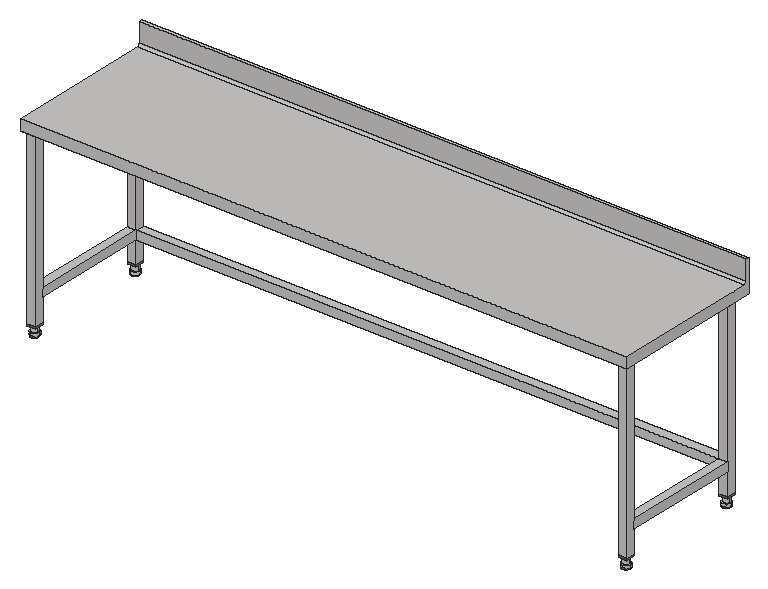
Revit family "QF_ELECTROLUXPROFESSIONAL_133240_TG2800UN", category Attrezzature speciali, Revit 2020
Family settings
  Quota connettore circolare = Usa diametro
  Tipo di parte = Normale
  Basato su piano di lavoro = No
  Sempre verticale = Sì
  Taglio con vuoti quando caricato = No
  Condiviso = No
  Punto di calcolo locali = No
Parameters (values of type "Standard")
  Weight = 98.00 kg
  Watts = 0 W
  Volts = 0 V
  URL Manufacturer = "https://www.electroluxprofessional.com/"
  URL = "https://www.electroluxprofessional.com/"
  Steam Supply Size = 0 mm
  Steam Supply Minimum Pressure = 0.0 Pa
  Steam Supply Maximum Pressure = 0.0 Pa
  Steam Consumption per Hour = 0
  Refrigeration Suction Line Size = 0.0 mm
  Refrigeration Liquid Line Size = 0.0 mm
  Refrigerant Compressor Remote = yes
  Prospetto di default = 0.0 mm
  Produttore = "Electrolux Professional"
  Phase = 0
  Modello = "TG2800UN"
  Length Actual = 2800.0 mm  # constant formula
  Item Number = "133240"
  Hot Water Size = 0 mm
  Height Actual = 1000.0 mm  # constant formula
  HP = "0 HP"
  Gas Size = 0 mm
  Gas KW = 0
  Gas Input Pressure = 0 W
  Direct Waste Size = 0 mm
  Descrizione = "WORK TABLE WITH UPSTAND 2800 MM+UNDERFRAME"
  Depth Actual = 700.0 mm  # constant formula
  Cycle = 0 Hz
  Condensate Return Size = 0 mm
  Compressed Air Volume = 0.0 L/s
  Compressed Air Size = 0 mm
  Compressed Air Pressure = 0.0 Pa
  Cold Water Size = 0 mm
  Accessory = yes
Reference planes
  plane 1 "Center (Front/Back)": y = 0
  plane 2: z = 0
  plane 3 "Center (Left/Right)": x = -900
  plane 4 "LEFT": x = -2300
  plane 5 "RIGHT": x = 500
  plane 6 "BACK": y = 350
  plane 7 "FRONT": y = -350
  plane 8 "Base": z = 850
  plane 9 "TOP": z = 900
  plane 10: x = -2264.5
  plane 11: x = 464.5
  plane 12: y = 269.5
  plane 13: y = -310.5
Forms (mm)
  Extrusion 1, solid, material "QF_Finishes_Stainless Steel"
    sketch origin (-900, 0, 0) x (0, 1, 0) y (0, 0, 1)
      loop
        line (-350, 850) -> (350, 850) -> (350, 1000) -> (337, 1000) -> (337, 910)
        arc (337, 910) -> (334.071, 902.929) -> (327, 900) r 10
        line (327, 900) -> (-350, 900) -> (-350, 850)
    from 1400 to -1400
  Extrusion 2, solid, material "QF_Finishes_Stainless Steel"
    sketch origin (-900, 0, 0) x (0, 1, 0) y (0, 0, 1)
      loop
        line (249.5, 195) -> (249.5, 155) -> (289.5, 155) -> (289.5, 195) -> (249.5, 195)
    from 1344.5 to -1344.5
  Extrusion 3, solid, material "QF_Finishes_Stainless Steel"
    sketch origin (0, 0, 0) x (1, 0, 0) y (0, 0, 1)
      loop
        line (-2244.5, 195) -> (-2284.5, 195) -> (-2284.5, 155) -> (-2244.5, 155) -> (-2244.5, 195)
      loop
        line (484.5, 195) -> (444.5, 195) -> (444.5, 155) -> (484.5, 155) -> (484.5, 195)
    from 290.5 to -249.5
Lines and regions (mm)
  symbolic lines
    curve 1: line (500, 350, 900) -> (-2300, 350, 900)
    curve 2: line (-2300, 350, 900) -> (-2300, -350, 900)
    curve 3: line (-2300, -350, 900) -> (500, -350, 900)
    curve 4: line (500, -350, 900) -> (500, 350, 900)
    curve 5: line (500, 337, 900) -> (-2300, 337, 900)
Dimensions and locks
  plane 4 "LEFT" to plane 5 "RIGHT" = 2800.0 mm
  equal spacing: plane 4 "LEFT", plane 3 "Center (Left/Right)", plane 5 "RIGHT"
  locked: plane 8 "Base" to level at 850
  plane 4 "LEFT" to plane 10 = 35.5 mm
  plane 11 to plane 5 "RIGHT" = 35.5 mm
  plane 10 to plane 11 = 2729.0 mm
  locked: Extrusion 1 to level at 1000
  plane 9 "TOP" to level = 900.0 mm
  plane 6 "BACK" to plane 12 = 80.5 mm
  plane 13 to plane 7 "FRONT" = 39.5 mm
  plane 6 "BACK" to plane 7 "FRONT" = 700.0 mm
  plane 12 to plane 13 = 580.0 mm
  equal spacing: plane 6 "BACK", plane 1 "Center (Front/Back)", plane 7 "FRONT"
  aligned and locked: level to plane 2
  aligned and locked: plane 11 to nested 2
  aligned and locked: nested 2 to plane 12
  aligned and locked: plane 10 to nested 1
  aligned and locked: nested 1 to plane 12
  aligned and locked: Extrusion 1 to plane 4 "LEFT"
  aligned and locked: plane 5 "RIGHT" to Extrusion 1
  aligned and locked: curve 2 to plane 4 "LEFT"
  aligned and locked: Extrusion 3 to nested 1
  aligned and locked: nested 4 to nested 3
  aligned and locked: plane 10 to nested 4
Automatic sketch dimensions
  curve 3 to plane 7 "FRONT" = 0.0 mm
  curve 5 to plane 5 "RIGHT" = 0.0 mm
  curve 4 to plane 6 "BACK" = 0.0 mm
  curve 5 to plane 6 "BACK" = 13.0 mm
  Extrusion 1 sketch curve to plane 7 "FRONT" = 0.0 mm
  Extrusion 1 sketch curve to plane 9 "TOP" = 0.0 mm
  Extrusion 1 sketch curve to plane 6 "BACK" = 0.0 mm
  Extrusion 1 sketch curve to plane 8 "Base" = 0.0 mm
  plane 9 "TOP" to Extrusion 1 sketch curve = 10.0 mm
  Extrusion 1 sketch curve to plane 6 "BACK" = 23.0 mm
  Extrusion 1 sketch curve to Extrusion 1 sketch curve = 90.0 mm
  Extrusion 2 sketch curve to plane 12 = 20.0 mm
  plane 12 to Extrusion 2 sketch curve = 20.0 mm
  level to Extrusion 2 sketch curve = 155.0 mm
  Extrusion 2 sketch curve to Extrusion 2 sketch curve = 40.0 mm
  plane 4 "LEFT" to Extrusion 3 sketch curve = 15.5 mm
  plane 10 to Extrusion 3 sketch curve = 20.0 mm
  Extrusion 3 sketch curve to plane 11 = 20.0 mm
  Extrusion 3 sketch curve to plane 5 "RIGHT" = 15.5 mm
  level to Extrusion 3 sketch curve = 155.0 mm  (x2)
  Extrusion 3 sketch curve to Extrusion 3 sketch curve = 40.0 mm  (x2)
Nested families
  nested 1: "FEET_40x40_APP42" at (-2264.5, 269.5, 0), type "FEET_40x40_APP42"
  nested 2: "FEET_40x40_APP42" at (464.5, 269.5, 0), type "FEET_40x40_APP42"
  nested 3: "FEET_40x40_APP42" at (464.5, -310.5, 0), type "FEET_40x40_APP42"
  nested 4: "FEET_40x40_APP42" at (-2264.5, -310.5, 0), type "FEET_40x40_APP42"
Definition of nested family "FEET_40x40_APP42"
  Parameters
    Default Elevation = 0.0 mm
    FEET = 850.0 mm
  Reference planes
    plane 1 "Center (Front/Back)": y = 0
    plane 2: z = 0
    plane 3 "Center (Left/Right)": x = 0
    plane 4: z = 850
  Forms (mm)
    Extrusion 1, solid
      sketch origin (0, 0, 0) x (1, 0, 0) y (0, 1, 0)
        loop
          line (-20, -20) -> (20, -20) -> (20, 20) -> (-20, 20) -> (-20, -20)
      from 50 to 845
    Extrusion 2, solid
      sketch origin (0, 0, 0) x (1, 0, 0) y (0, 1, 0)
        loop
          circle (0, 0) r 20
      from 0 to 5
    Extrusion 3, solid
      sketch origin (0, 0, 0) x (1, 0, 0) y (0, 1, 0)
        loop
          line (30, 30) -> (-30, 30) -> (-30, -30) -> (30, -30) -> (30, 30)
      from 845 to 850
    Extrusion 4, solid
      sketch origin (0, 0, 0) x (1, 0, 0) y (0, 1, 0)
        loop
          line (-20, -20) -> (20, -20) -> (20, 20) -> (-20, 20) -> (-20, -20)
      from 50 to 42
    Revolve 5, solid
      sketch origin (0, 0, 0) x (1, 0, 0) y (0, 0, 1)
        loop
          line (0, 42) -> (-15, 42) -> (-15, 20) -> (-20, 15) -> (-20, 5) -> (0, 5) -> (0, 42)
        axis (0, 42) -> (0, 5)
      angle from 0 to 360
  Lines and regions (mm)
    symbolic lines
      curve 1: line (0, -1.503, 0) -> (0, 1.508, 0)
      curve 2: line (1.561, 0, 0) -> (-1.439, 0, 0)
  Dimensions and locks
    "FEET": plane 4 to plane 2
    aligned and locked: level to plane 2
  Automatic sketch dimensions
    plane 1 "Center (Front/Back)" to curve 2 = 0.0 mm
    curve 1 to plane 3 "Center (Left/Right)" = 0.0 mm
    curve 2 to plane 3 "Center (Left/Right)" = 1.439 mm
    plane 3 "Center (Left/Right)" to curve 2 = 1.561 mm
    plane 1 "Center (Front/Back)" to curve 1 = 1.503 mm
    curve 1 to plane 1 "Center (Front/Back)" = 1.508 mm
    Extrusion 1 sketch curve to plane 3 "Center (Left/Right)" = 20.0 mm
    plane 3 "Center (Left/Right)" to Extrusion 1 sketch curve = 20.0 mm
    plane 1 "Center (Front/Back)" to Extrusion 1 sketch curve = 20.0 mm
    Extrusion 1 sketch curve to plane 1 "Center (Front/Back)" = 20.0 mm
    plane 1 "Center (Front/Back)" to Extrusion 2 sketch curve = 0.0 mm
    Extrusion 2 sketch curve to plane 3 "Center (Left/Right)" = 0.0 mm
    Extrusion 3 sketch curve to plane 3 "Center (Left/Right)" = 30.0 mm
    plane 3 "Center (Left/Right)" to Extrusion 3 sketch curve = 30.0 mm
    plane 1 "Center (Front/Back)" to Extrusion 3 sketch curve = 30.0 mm
    Extrusion 3 sketch curve to plane 1 "Center (Front/Back)" = 30.0 mm
    Extrusion 4 sketch curve to plane 3 "Center (Left/Right)" = 20.0 mm
    plane 3 "Center (Left/Right)" to Extrusion 4 sketch curve = 20.0 mm
    plane 1 "Center (Front/Back)" to Extrusion 4 sketch curve = 20.0 mm
    Extrusion 4 sketch curve to plane 1 "Center (Front/Back)" = 20.0 mm
    Revolve 5 sketch curve to plane 3 "Center (Left/Right)" = 0.0 mm  (x2)
    Revolve 5 sketch curve to plane 3 "Center (Left/Right)" = 15.0 mm
    Revolve 5 sketch curve to Revolve 5 sketch curve = 5.0 mm  (x3)
    level to Revolve 5 sketch curve = 5.0 mm
    Revolve 5 sketch curve to Revolve 5 sketch curve = 10.0 mm
    Revolve 5 sketch curve to Revolve 5 sketch curve = 22.0 mm
    Revolve 5 sketch curve to level = 9.561 mm
    radius of Extrusion 2 sketch curve = 20.0 mm
